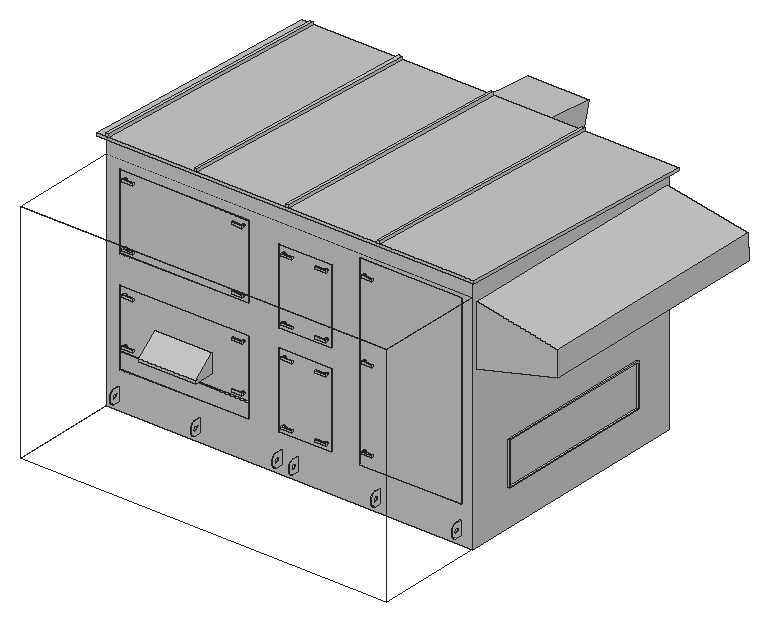
Revit family "DN-5XRT-EH-1FP", category Mechanical Equipment, Revit 2019
Family settings
  Round Connector Dimension = Use Diameter
  Part Type = Normal
  Work Plane-Based = No
  Always vertical = Yes
  Cut with Voids When Loaded = No
  Shared = No
  Room Calculation Point = No
Parameters (values of type "4@2.70 kW 200-240V")
  Voltage = "200-240V"
  Unit Weight = "4100-4725 lbs."
  Unit Dimensions (L x W x H) = "173-3/8\" x 126-3/8\" x 92-1/8\""
  Unit = Renewaire - Galvanized Steel
  URL = "www.renewaire.com"
  Typical Airflow Range = "1,125-4,950 CFM"
  Standard Features = "EC Motors for both airstreams, Direct drive backward inclined plenum, Higher ESP of up to 3\" w.g. at 4,500 CFM, Integrated programmable controls, True 100% face and bypass enthalpy based modulating economizer, Class 1 low leakage motorized isolation dampers, Stainless steel double-sloped drain pan with cooling option, 1\" Double wall foam injected 20 gauge galvanized panel construction with R6.5 insulation"
  Shipping Dimensions (L x W x H) = "160\" x 101-1/2\" x 98\""
  Service Area Visibility = yes
  Service Area Box = Renewaire - Interference
  Revit Object Download Link = ""
  Phase = "3"
  Options = "Onboard variable frequency drives (VFDs) - both airstreams, Fused disconnect, Spring isolators (VFDs only), 2\" Double wall foam injected 20 gauge galvanized panel construction with R13 insulation, Exterior paint - grey, white, custom color, Salt spray - 2500 hours, BACNET factory activation, GFCI convenience outlet, Recirculation damper, Mist Eliminator"
  Number Motors = "Qty. 4, Direct drive motorized impeller packages"
  Model = "DN-5XRT-1FP-EH"
  Minimum Circuit Amps = "36.6 A"
  Maximum Overcurrent Protection = "45 A"
  Max. Shipping Weight = "4350-4975 lbs."
  Manufacturer = "Renewaire LLC"
  Inlets/Outlets [instance] = "OA & RA Inlets: 60\" x 16\", SA Outlet: 24\" x 16\", EA Outlet: 20\" x 32\""
  Frequency = "50/60 Hz"
  Filters [instance] = "Total qty. 10, MERV 8: 16\" x 20\" x 2\""
  FLA per Motor = "8.6-7.2"
  Energy Recovery Type = "Static plate total energy transfer"
  Description = "Energy Recovery Ventilator"
  Bypass Filters [instance] = "Total qty. 4, MERV 8: 16\" x 20\" x 2\""
  Accessories = "Filters - MERV 13, 2\"  and 4\" (shipped loose), MERV 14, 2\" and 4\" (shipped loose), Additional filters available upon request, Roof curb - standard 14\", Hurricane or seismic rated curbs, Curb clip kit, Carbon dioxide sensor/control - wall mount (CO2-W), duct mount (CO2-D), IAQ sensor - wall mount (IAQ-W), duct mount (IAQ-D), Motion occupancy sensor/control - ceiling mount (MC-C), wall mount (MC-W), Smoke detector, Room temperature and humidity sensor, Duct static pressure sensor with display to 10\", without display 0-2\", Room pressure sensor with display to 1\", without display 0-1\", Remote display"
  AHRI 1060 Certified Core = "One L-62-G5 and four L-125-G5"
Types (6): name | Voltage | Minimum Circuit Amps | Maximum Overcurrent Protection | FLA per Motor
  (no name) | "200-240V" | "36.6 A" | "45 A" | "8.6-7.2"
  4@2.70 kW 200-240V | "200-240V" | "36.6 A" | "45 A" | "8.6-7.2"
  4@3.70 kW 380-480V | "380-480 V" | "25.5 A" | "30 A" | "6.0-4.6"
  4@5HP 208-230V | "208-230 V" | "59.1 A" | "70 A" | "13.9-13.4/6.7"
  4@5HP 460V | "460 V" | "28.5 A" | "35 A" | "6.7"
  4@5HP 575V | "575 V" | "22.5 A" | "25 A" | "5.3"
Reference planes (in)
  plane 1 "Center (Front/Back)": y = 0
  plane 2: z = 0
  plane 3 "Center (Left/Right)": x = 0
Forms (in)
  Extrusion 1, solid, material "Renewaire - Galvanized Steel" <- "Unit"
    sketch origin (0, 0, 1.99997) x (0, 1, 0) y (0, 0, 1)
      loop
        line (12.11677, 31.05846) -> (-11.88323, 31.05846) -> (-11.88323, 15.05845) -> (12.11677, 15.05845) -> (12.11677, 31.05846)
      loop
        line (11.99177, 30.93346) -> (-11.75823, 30.93346) -> (-11.75823, 15.18345) -> (11.99177, 15.18345) -> (11.99177, 30.93346)
    from -137.25 to -136.25
  Extrusion 2, solid, material "Renewaire - Galvanized Steel" <- "Unit"
    sketch origin (0, 0, 1.99998) x (0, 1, 0) y (0, 0, 1)
      loop
        line (-29.87714, 28.04274) -> (-29.87714, 12.04274) -> (30.12286, 12.04274) -> (30.12286, 28.04274) -> (-29.87714, 28.04274)
      loop
        line (-29.75214, 27.91774) -> (-29.75214, 12.16774) -> (29.99786, 12.16774) -> (29.99786, 27.91774) -> (-29.75214, 27.91774)
    from 0 to 1
  Extrusion 3, solid, material "Renewaire - Galvanized Steel" <- "Unit"
    sketch origin (0, 0, 2.70998) x (1, 0, 0) y (0, 0, 1)
      loop
        line (-131, 77.65525) -> (-131, 50.05524) -> (-83.39999, 50.05524) -> (-83.39999, 77.65525) -> (-131, 77.65525)
      loop
        line (-131, 39.10345) -> (-131, 17.50344) -> (-83.39999, 17.50344) -> (-83.39999, 39.10345) -> (-131, 39.10345)
      loop
        line (-131, 17.05095) -> (-131, 11.45095) -> (-83.39999, 11.45095) -> (-83.39999, 17.05095) -> (-131, 17.05095)
      loop
        line (-71.94753, 73.62401) -> (-71.94753, 46.024) -> (-52.34756, 46.024) -> (-52.34756, 73.62401) -> (-71.94753, 73.62401)
      loop
        line (-71.94754, 39.124) -> (-71.94754, 11.434) -> (-52.34753, 11.434) -> (-52.34753, 39.124) -> (-71.94754, 39.124)
      loop
        line (-41.95871, 10.97626) -> (-4.26607, 10.97626) -> (-4.26607, 79.67027) -> (-41.95871, 79.67027) -> (-41.95871, 10.97626)
    from 44.5 to 45.5
  Extrusion 4, solid, material "Renewaire - Interference" <- "Service Area Box", visible <- "Service Area Visibility"
    sketch origin (0, 0, 0) x (1, 0, 0) y (0, 1, 0)
      loop
        line (-136.25, -45.5) -> (-136.25, -85.5) -> (0, -85.5) -> (0, -45.5) -> (-136.25, -45.5)
    from 0 to 84
  Extrusion 5, solid, material "Renewaire - Galvanized Steel" <- "Unit"
    sketch origin (0, 0, 0) x (1, 0, 0) y (0, 0, 1)
      loop
        line (0, 82.10866) -> (0, 59.48366) -> (30.43416, 67.47686) -> (30.43416, 76.7423) -> (0, 82.10866)
    from -44.29849 to 44.08852
  Extrusion 6, solid, material "Renewaire - Galvanized Steel" <- "Unit"
    sketch origin (0, 0, 0) x (0, 1, 0) y (0, 0, 1)
      loop
        line (45.42474, 81.97972) -> (45.42474, 46.1082) -> (57.67474, 46.1082) -> (69.06801, 64.34123) -> (73.14441, 79.55457) -> (45.42474, 81.97972)
    from -74.44855 to -51.90454
  Extrusion 7, solid, material "Renewaire - Galvanized Steel" <- "Unit"
    sketch origin (0, 0, 0) x (0, 1, 0) y (0, 0, 1)
      loop
        line (-45.5, 31.62254) -> (-53.1831, 25.61984) -> (-53.1831, 24.44788) -> (-45.5, 24.44788) -> (-45.5, 31.62254)
    from -118 to -97
  Extrusion 8, solid, material "Renewaire - Galvanized Steel" <- "Unit"
    sketch origin (31.75, 0, 0) x (1, 0, 0) y (0, 0, 1)
      loop
        line (-168, 29.91021) -> (-174.69809, 24.67709) -> (-174.69809, 23.17709) -> (-168, 23.17709) -> (-168, 29.91021)
    from 15.03477 to 30.28477
  Extrusion 9, solid, material "Renewaire - Galvanized Steel" <- "Unit"
    sketch origin (0, 0, 0) x (0, 1, 0) y (0, 0, 1)
      loop
        line (45.5, 0.01019) -> (45.5, 86.0075) -> (-45.50002, 90.01019) -> (-45.50002, 0.01019) -> (45.5, 0.01019)
    from 0 to -136.25
  Extrusion 10, void
    sketch origin (0, 0, 0) x (1, 0, 0) y (0, 1, 0)
      loop
        line (-134.25, 43.5) -> (-134.25, -43.50002) -> (-2, -43.50002) -> (-2, 43.5) -> (-134.25, 43.5)
    from 0 to 8
  Extrusion 11, void
    sketch origin (0, 0, 0) x (1, 0, 0) y (0, 1, 0)
      loop
        line (-126.92017, 11.99999) -> (-126.92017, -12.00001) -> (-110.92017, -12.00001) -> (-110.92017, 11.99999) -> (-126.92017, 11.99999)
      loop
        line (-22.86652, 30.00001) -> (-22.86652, -29.99999) -> (-6.86652, -29.99999) -> (-6.86652, 30.00001) -> (-22.86652, 30.00001)
    from 8.5 to 7.5
  Extrusion 12, void
    sketch origin (0, 0, 0) x (1, 0, 0) y (0, 0, 1)
      loop
        line (-131.25, 80.61523) -> (-131.25, 52.51523) -> (-83.14999, 52.51523) -> (-83.14999, 80.61523) -> (-131.25, 80.61523)
      loop
        line (-131.25, 42.06343) -> (-131.25, 13.89398) -> (-83.14999, 13.89398) -> (-83.14999, 42.06343) -> (-131.25, 42.06343)
      loop
        line (-72.19754, 76.58399) -> (-72.19754, 48.48398) -> (-52.09753, 48.48398) -> (-52.09753, 76.58399) -> (-72.19754, 76.58399)
      loop
        line (-72.19754, 42.08398) -> (-72.19754, 13.89398) -> (-52.09753, 13.89398) -> (-52.09753, 42.08398) -> (-72.19754, 42.08398)
      loop
        line (-42.20871, 82.63025) -> (-42.20871, 13.43624) -> (-4.01607, 13.43624) -> (-4.01607, 82.63025) -> (-42.20871, 82.63025)
    from 46 to 44.5
  Extrusion 13, solid, material "Renewaire - Galvanized Steel" <- "Unit"
    sketch origin (0, 0, 0) x (0, 1, 0) y (0, 0, 1)
      loop
        line (47.49807, 85.91961) -> (47.54201, 86.91865) -> (-47.45414, 91.09711) -> (-47.49808, 90.09807) -> (47.49807, 85.91961)
    from 2 to -138.25
  Extrusion 14, solid, material "Renewaire - Galvanized Steel" <- "Unit"
    sketch origin (0, 0, 0) x (0, 1, 0) y (0, 0, 1)
      loop
        line (47.54201, 86.91865) -> (47.58595, 87.91768) -> (-47.4102, 92.09614) -> (-47.45414, 91.09711) -> (47.54201, 86.91865)
    from -101 to -102
  Extrusion 15, solid, material "Renewaire - Galvanized Steel" <- "Unit"
    sketch origin (0, 0, 0) x (0, 1, 0) y (0, 0, 1)
      loop
        line (47.54201, 86.91865) -> (47.58595, 87.91768) -> (-47.4102, 92.09614) -> (-47.45414, 91.09711) -> (47.54201, 86.91865)
    from -134 to -135
  Extrusion 16, solid, material "Renewaire - Galvanized Steel" <- "Unit"
    sketch origin (0, -0.04394, 0) x (0, 1, 0) y (0, 0, 1)
      loop
        line (47.54201, 86.91865) -> (47.58595, 87.91768) -> (-47.4102, 92.09614) -> (-47.45414, 91.09711) -> (47.54201, 86.91865)
    from -68 to -67
  Extrusion 17, solid, material "Renewaire - Galvanized Steel" <- "Unit"
    sketch origin (0, -0.04394, 0) x (0, 1, 0) y (0, 0, 1)
      loop
        line (47.54201, 86.91865) -> (47.58595, 87.91768) -> (-47.4102, 92.09614) -> (-47.45414, 91.09711) -> (47.54201, 86.91865)
    from -34 to -33
Cuts and joins
  Extrusion 10, Extrusion 11, Extrusion 12 cuts Extrusion 9
Dimensions and locks (in)
  aligned and locked: plane 2 to level
Nested families (in)
  nested 1: "Handle" at (-40.11251, -45.5, 18.70998), type "Handle"
    with Right Handle yes, Left Handle no, Flip no
  nested 2: "Handle" at (-40.11251, -45.5, 77.38025), type "Handle"
    with Right Handle yes, Left Handle no, Flip no
  nested 3: "Handle" at (-40.11251, -45.5, 48.70998), type "Handle"
    with Right Handle yes, Left Handle no, Flip no
  nested 4: "Handle" at (-70.07253, -45.5, 74.08399), type "Handle"
    with Right Handle yes, Left Handle no, Flip no
  nested 5: "Handle" at (-70.07253, -45.5, 50.98398), type "Handle"
    with Right Handle yes, Left Handle no, Flip no
  nested 6: "Handle" at (-54.22256, -45.5, 74.08399), type "Handle"
    with Right Handle no, Left Handle yes, Flip yes
  nested 7: "Handle" at (-54.22256, -45.5, 50.98398), type "Handle"
    with Right Handle no, Left Handle yes, Flip yes
  nested 8: "Handle" at (-70.07253, -45.5, 39.58399), type "Handle"
    with Right Handle yes, Left Handle no, Flip no
  nested 9: "Handle" at (-70.07253, -45.5, 16.48399), type "Handle"
    with Right Handle yes, Left Handle no, Flip no
  nested 10: "Handle" at (-54.22256, -45.5, 39.58399), type "Handle"
    with Right Handle no, Left Handle yes, Flip yes
  nested 11: "Handle" at (-54.22256, -45.5, 16.48399), type "Handle"
    with Right Handle no, Left Handle yes, Flip yes
  nested 12: "Handle" at (-129.03554, -45.5, 78.11523), type "Handle"
    with Right Handle yes, Left Handle no, Flip no
  nested 13: "Handle" at (-129.03554, -45.5, 55.01523), type "Handle"
    with Right Handle yes, Left Handle no, Flip no
  nested 14: "Handle" at (-85.2142, -45.5, 78.11523), type "Handle"
    with Right Handle no, Left Handle yes, Flip yes
  nested 15: "Handle" at (-85.2142, -45.5, 55.01523), type "Handle"
    with Right Handle no, Left Handle yes, Flip yes
  nested 16: "Handle" at (-129.03554, -45.5, 39.58399), type "Handle"
    with Right Handle yes, Left Handle no, Flip no
  nested 17: "Handle" at (-129.03554, -45.5, 22.46343), type "Handle"
    with Right Handle yes, Left Handle no, Flip no
  nested 18: "Handle" at (-85.2142, -45.5, 39.58399), type "Handle"
    with Right Handle no, Left Handle yes, Flip yes
  nested 19: "Handle" at (-85.2142, -45.5, 22.46343), type "Handle"
    with Right Handle no, Left Handle yes, Flip yes
  nested 20: "Lifting Lug" at (-101.5, -45.5, 3) x (0, -1, 0) z (0, 0, 1), type "Lifting Lug"
  nested 21: "Lifting Lug" at (-4.5, -45.5, 3) x (0, -1, 0) z (0, 0, 1), type "Lifting Lug"
  nested 22: "Lifting Lug" at (-101.5, 45.5, 3) x (0, 1, 0) z (0, 0, 1), type "Lifting Lug"
  nested 23: "Lifting Lug" at (-4.5, 45.5, 3) x (0, 1, 0) z (0, 0, 1), type "Lifting Lug"
  nested 24: "Lifting Lug" at (-34.5, -45.5, 3) x (0, -1, 0) z (0, 0, 1), type "Lifting Lug"
  nested 25: "Lifting Lug" at (-34.5, 45.5, 3) x (0, 1, 0) z (0, 0, 1), type "Lifting Lug"
  nested 26: "Lifting Lug" at (-131.5, -45.5, 3) x (0, -1, 0) z (0, 0, 1), type "Lifting Lug"
  nested 27: "Lifting Lug" at (-131.5, 45.5, 3) x (0, 1, 0) z (0, 0, 1), type "Lifting Lug"
  nested 28: "Lifting Lug1" at (-71.25, 45.5, 3) x (0, 1, 0) z (0, 0, 1), Material <- "Unit", type "Lifting Lug 2"
    with Material Renewaire - Galvanized Steel
  nested 29: "Lifting Lug1" at (-65, 45.5, 3) x (0, 1, 0) z (0, 0, 1), Material <- "Unit", type "Lifting Lug 2"
    with Material Renewaire - Galvanized Steel
  nested 30: "Lifting Lug1" at (-71.25, -45.5, 3) x (0, -1, 0) z (0, 0, 1), Material <- "Unit", type "Lifting Lug 2"
    with Material Renewaire - Galvanized Steel
  nested 31: "Lifting Lug1" at (-65, -45.5, 3) x (0, -1, 0) z (0, 0, 1), Material <- "Unit", type "Lifting Lug 2"
    with Material Renewaire - Galvanized Steel
Connectors (in)
  hvac at (1, 0.12286, 22.04273)
    settings: on Extrusion 2, index 1, duct flow 0 CFM, flow factor 0, pres drop 0.00 in-wg, loss coef 0, conn angle 0.00°, conn width 60", conn height 16", conn diameter 24", duct sys type 2, conn prof type 1, flow config 0, flow direction 1, loss method 0, conn ref index -1, conn util no, is conn primary yes, conn desc "Return Air (RA)"
  hvac at (-137.25, 0.11677, 25.05843)
    settings: on Extrusion 1, index 6, duct flow 0 CFM, flow factor 0, pres drop 0.00 in-wg, loss coef 0, conn angle 0.00°, conn width 24", conn height 16", conn diameter 24", duct sys type 1, conn prof type 1, flow config 0, flow direction 2, loss method 0, conn ref index -1, conn util no, is conn primary no, conn desc "Supply Air (SA)"
  hvac at (-14.86652, 0.00001, 8.5)
    settings: on cut or joined group of Extrusion 9, Extrusion 10, Extrusion 11, Extrusion 12, index 8, duct flow 0 CFM, flow factor 0, pres drop 0.00 in-wg, loss coef 0, conn angle 0.00°, conn width 60", conn height 16", conn diameter 24", duct sys type 2, conn prof type 1, flow config 0, flow direction 1, loss method 0, conn ref index -1, conn util no, is conn primary no, conn desc "Return Air (RA)"
  hvac at (-118.92017, -0.00001, 8.5)
    settings: on cut or joined group of Extrusion 9, Extrusion 10, Extrusion 11, Extrusion 12, index 9, duct flow 0 CFM, flow factor 0, pres drop 0.00 in-wg, loss coef 0, conn angle 0.00°, conn width 24", conn height 16", conn diameter 24", duct sys type 1, conn prof type 1, flow config 0, flow direction 2, loss method 0, conn ref index -1, conn util no, is conn primary no, conn desc "Supply Air (SA)"
Definition of nested family "Handle"
  Parameters (values of type "Handle")
    Right Handle [instance] = not(Flip)  # no
    Material = none
    Left Handle [instance] = Flip  # yes
    Flip [instance] = yes
  Reference planes (in)
    plane 1 "Center (Front/Back)": y = 0
    plane 2: z = 0
    plane 3 "Center (Left/Right)": x = 0
  Forms (in)
    Extrusion 1, solid, material <- "Material"
      sketch origin (0, 0, 0) x (1, 0, 0) y (0, 0, 1)
        loop
          circle (0, 0) r 0.375
      from 0 to 0.75
    Extrusion 2, solid, material <- "Material", visible <- "Right Handle"
      sketch origin (0, 0, 0) x (1, 0, 0) y (0, 1, 0)
        loop
          line (-0.375, -0.75) -> (-0.375, -1.25) -> (3.625, -1.25) -> (3.625, -0.75) -> (-0.375, -0.75)
      from -0.375 to 0.375
    Extrusion 3, solid, material <- "Material", visible <- "Left Handle"
      sketch origin (-3.25, 0, 0) x (1, 0, 0) y (0, 1, 0)
        loop
          line (-0.375, -0.75) -> (-0.375, -1.25) -> (3.625, -1.25) -> (3.625, -0.75) -> (-0.375, -0.75)
      from -0.375 to 0.375
  Dimensions and locks (in)
    aligned and locked: plane 2 to level
Definition of nested family "Lifting Lug"
  Parameters (values of type "Lifting Lug")
    Material = none
  Reference planes (in)
    plane 1 "Center (Front/Back)": y = 0
    plane 2: z = 0
    plane 3 "Center (Left/Right)": x = 0
  Forms (in)
    Extrusion 1, solid
      sketch origin (0, 0, 0) x (1, 0, 0) y (0, 0, 1)
        loop
          line (0, 0.1875) -> (2, 0.1875)
          arc (2, 0.1875) -> (3.41421, 0.77329) -> (4, 2.1875) r 2
          line (4, 2.1875) -> (4, 3.1875)
          arc (4, 3.1875) -> (3.41421, 4.60171) -> (2, 5.1875) r 2
          line (2, 5.1875) -> (0, 5.1875) -> (0, 0.1875)
        loop
          circle (2.125, 2.6875) r 1
      from 0 to 0.25
  Dimensions and locks (in)
    aligned and locked: plane 2 to level
Definition of nested family "Lifting Lug1"
  Parameters (values of type "Lifting Lug")
    Material [instance] = none
  Reference planes (in)
    plane 1 "Center (Front/Back)": y = 0
    plane 2: z = 0
    plane 3 "Center (Left/Right)": x = 0
  Forms (in)
    Extrusion 1, solid
      sketch origin (0, 0, 0) x (1, 0, 0) y (0, 0, 1)
        loop
          line (0, 0.1875) -> (2, 0.1875)
          arc (2, 0.1875) -> (3.41421, 0.77329) -> (4, 2.1875) r 2
          line (4, 2.1875) -> (4, 3.1875)
          arc (4, 3.1875) -> (3.41421, 4.60171) -> (2, 5.1875) r 2
          line (2, 5.1875) -> (0, 5.1875) -> (0, 0.1875)
        loop
          circle (2.125, 2.6875) r 1
      from 0 to 0.25
  Dimensions and locks (in)
    aligned and locked: plane 2 to level
